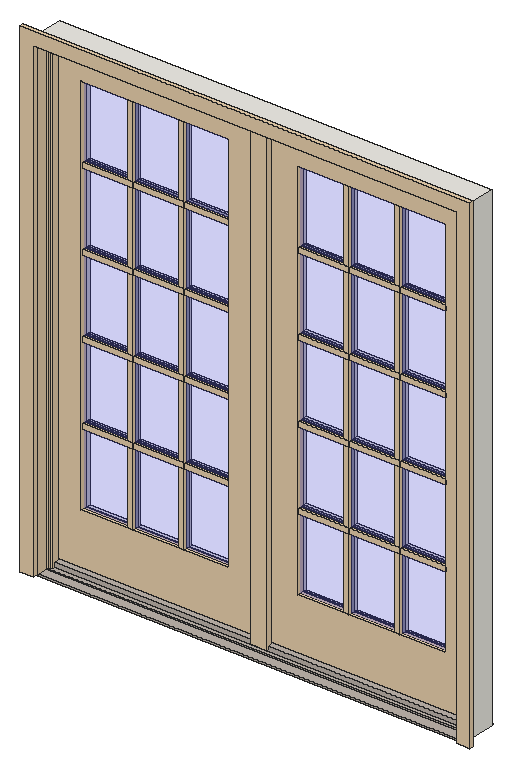
Revit family "Door-Outswing-Andersen-400_Series-Double 3", category Doors, host Wall, Revit 2013
Parameters (values of type "4' - 0" x 6' 7 1/2"")
  Visual Light Transmittance = 0.37  # constant formula
  Type Comments = "Vinyl-clad wood outswing double door"  # constant formula
  Thermal Resistance (R) = 0.58645  # 3.3300 (h·ft²·°F)/BTU
  Solar Heat Gain Coefficient = 0.16  # constant formula
  Learn About These Parameters = "http://www.andersenwindows.com/for-professionals/cad-symbols-bim-support-window-doors/bim-support"
  Heat Transfer Coefficient (U) = 1.7035  # 0.3000 BTU/(h·ft²·°F)
  Grille Bar Sizes = "3/4'', 7/8'', 1 1/8'', 2 1/4''"  # constant formula
  Between Glass Grille Bar Sizes = "3/4'', 1''"  # constant formula
  Interior Trim Visibility = yes
  Grille Bar Size = 0' - 0 7/8"
  Enter Pattern Number = 1
  Assembly Code = "B2030100"
  ..Pattern Number 1 = "Colonial"  # constant formula
  . . Lights Wide = 3
  . . Lights High = 5
  ..Pattern Number 2 = "Modified Colonial"  # constant formula
  ..Pattern Number 3 = "Prairie"  # constant formula
  ..Pattern Number 4 = "Short Fractional"  # constant formula
  ..Pattern Number 5 = "Tall Fractional"  # constant formula
  Extension Jamb Visibility = yes
  Enter Exterior Trim Number = 0
  ..Exterior Trim Number 0 = "No Exterior Trim"  # constant formula
  ..Exterior Trim Number 1 = "Brick Mould"  # constant formula
  ..Exterior Trim Number 2 = "3 1/2'' Flat Casing"  # constant formula
  ..Exterior Trim Number 3 = "4 1/2'' Flat Casing"  # constant formula
  Interior Grille Bar Visibility = yes
  Exterior Grille Bar Visibility = yes
  Between Glass Grille Bar Visibility = yes
  xjamb Visibility [instance] = and(Extension Jamb Visibility, Wall Depth > 0' 4 9/16")  # no
  xjamb S1 [instance] = if(Wall Depth < 0' 4 5/8", 0' 0 1/16", 0' 0")  # 0' - 0 1/16"
  casingS2 = if(Enter Exterior Trim Number = 1, 0' 0 3/16", 0' 0 3/16")  # 0' - 0 3/16"
  casingS1 = if(Enter Exterior Trim Number = 1, 0' 0 7/16", 0' 0 3/16")  # 0' - 0 3/16"
  casing4 = if(Enter Exterior Trim Number = 1, 0' 1 3/4", if(Enter Exterior Trim Number = 2, 0' 3 1/4", 0' 4 1/4"))  # 0' - 4 1/4"
  casing3 = 0' - 0 1/2"  # constant formula
  casing2 = 0' - 0 7/8"  # constant formula
  casing1 = 0' - 0 1/4"  # constant formula
  Wall Thickness [instance] = 0' - 8"
  Wall Depth [instance] = 0' - 4 9/16"
  Void Offset 1 [instance] = if(Enter Exterior Trim Number > 0, casing4, 0' 0")  # 0' - 0"
  Void Depth [instance] = if(Wall Thickness > Wall Depth, 0' 1" + Wall Thickness - Wall Depth, 0' 1")  # 0' - 4 7/16"
  VGB DLO = if(Enter Pattern Number = 3, 0' 4", (H DLO - (Grille Bar Size * (V Bars))) / if(LWide > 2, LWide, 3))  # 0' - 7.63542"
  V Bars = if(Enter Pattern Number = 3, 2, if(LWide > 2, LWide - 1, 2))  # 2
  URL = "www.andersenwindows.com"
  TS V DLO = Height - HGO - SGO  # 5' - 4 1/32"
  TS V Bar Length = if(or(Enter Pattern Number = 5, Enter Pattern Number = 2), ((((Height - HGO - SGO - (Grille Bar Size * (Fractional Lights High - 1))) / Fractional Lights High)) * TFL) + (TFB * Grille Bar Size), if(Enter Pattern Number = 4, ((Height - HGO - SGO - (Grille Bar Size * (Fractional Lights High - 1))) / Fractional Lights High), Height - HGO - SGO))  # 5' - 4 1/32"
  TS SH DLO = if(or(Enter Pattern Number = 5, Enter Pattern Number = 2), ((((Height - HGO - SGO - (Grille Bar Size * (Fractional Lights High - 1))) / Fractional Lights High)) * TFL) + (TFB * Grille Bar Size) + HGO + (Grille Bar Size / 2), if(Enter Pattern Number = 4, TS V Bar Length + HGO + (Grille Bar Size / 2), (TS V DLO / 2) + HGO))  # 3' - 1 61/64"
  TS S V = or(and(LWide = 2, Enter Pattern Number = 1), and(Fractional Lights Wide = 2, or(or(Enter Pattern Number = 2, Enter Pattern Number = 4), Enter Pattern Number = 5)))  # no
  TS S H Craftsman = and(Enter Pattern Number = 2, or(Fractional Lights High = 4, Fractional Lights High = 5))  # no
  TS S H = or(or(or(and(. . Lights High = 2, Enter Pattern Number = 1), and(Enter Pattern Number = 4, Fractional Lights High > 1)), and(Enter Pattern Number = 5, Fractional Lights High > 1)), and(Enter Pattern Number = 2, Fractional Lights High > 1))  # no
  TS M V = and(Enter Pattern Number > 0, LWide > 2)  # yes
  TS M H = or(or(Enter Pattern Number = 3, and(. . Lights High > 2, Enter Pattern Number = 1)), and(Enter Pattern Number = 2, Fractional Lights High > 5))  # yes
  TS HGB DLO = if(Enter Pattern Number = 1, if(. . Lights High > 2, ((TS V Bar Length - (Grille Bar Size * (. . Lights High - 1))) / . . Lights High), 0' 4"), if(Enter Pattern Number = 3, 0' 4", if(Fractional Lights High > 2, ((TS V Bar Length - (Grille Bar Size * 2)) / 3), 0' 4")))  # 1' - 0.10625"
  TS H Bars = if(Enter Pattern Number = 3, 2, if(Enter Pattern Number = 1, if(. . Lights High > 2, . . Lights High - 1, 2), 2))  # 4
  TFL = if(Fractional Lights High > 5, 3, if(or(Fractional Lights High = 4, Fractional Lights High = 5), 2, if(or(Fractional Lights High = 2, Fractional Lights High = 3), 1, 1)))  # 2
  TFB = TFL - 1  # 1
  Sill Interior Offset [instance] = 0' - 0"  # constant formula
  Sill Height [instance] = 0' - 1 1/4"  # constant formula
  Rough Width = Width + (Rough Opening Offset * 2)  # 6' - 0 3/4"
  Rough Opening Offset = 0' - 0 3/8"
  Rough Height = if(1 > 0, Height + 0' 0 1/2", 0' 0")  # 6' - 8 1/2"
  Panel Bottom Inset [instance] = 0' - 2 5/32"  # constant formula
  Sill Depth [instance] = 0' - 6"  # constant formula
  SGO = 0' - 10 1/32"  # constant formula
  Product Documentation Link = "http://www.andersenwindows.com/products/400-series-frenchwood-hinged-patio-door/"
  Panel Width = (Width / 2) - (0' 2 13/32")  # 2' - 9 19/32"
  Panel Height [instance] = (CTRL Height - 0' 0 1/2" - Panel Bottom Inset) - 0' 0 3/32"  # 6' - 5 1/4"
  Nail Fin Visibility = Enter Exterior Trim Number = 0  # yes
  Model = "400 Series"  # constant formula
  Masonry Width = if(Enter Exterior Trim Number > 0, Width + ((casing4 + Masonry Opening Offset) * 2), Width + (Masonry Opening Offset * 2))  # 6' - 0 3/4"
  Masonry Opening Offset = 0' - 0 3/8"
  Masonry Height = if(Enter Exterior Trim Number > 0, Height + (casing4 + 0' 0 1/2"), Height + 0' 0 1/2")  # 6' - 8 1/2"
  Manufacturer = "Andersen Corporation"  # constant formula
  LWide = if(Enter Pattern Number = 3, 3, if(Enter Pattern Number = 1, . . Lights Wide, Fractional Lights Wide))  # 3
  JGO = 0' - 5 21/32"  # constant formula
  Is Outswing [instance] = no
  Is Gliding = 1 = 1  # yes
  Interior Unit Finish = Wood - Andersen - Pine
  Interior Trim Size = 0' - 2 1/4"
  Interior Trim Finish = Wood - Andersen - Pine
  Horizontal Craftsman Bar Size = if(Enter Pattern Number = 3, 0' 4", (H DLO - (Grille Bar Size * (V Bars))) / if(LWide > 2, LWide, 3))  # 0' - 7.63542"
  HGO = 0' - 5 15/16"  # constant formula
  H DLO = (Width / 2) - JGO - 0' 5 11/16"  # 2' - 0 21/32"
  Glazing Material = Glass ‐ Andersen - Low-E4 SmartSun
  Function = Exterior
  Height = 6' - 8"
  Wall Closure = By host
  Width = 6' - 0"
  Frame Interior Inset [instance] = 0' - 0"  # constant formula
  Frame Depth [instance] = 0' - 5 7/8"  # constant formula
  Fractional Lights Wide = 3
  Fractional Lights High = 5
  Family Version = "06.01.14"  # constant formula
  Exterior Unit Finish = Fiberglass - Andersen - White
  Exterior Trim Finish = Fibrex Composite - Andersen - White
  Designation = "FWO"
  Description = "Vinyl-clad wood outswing double door"  # constant formula
  Coarse Plan [instance] = if(Wall Depth > Wall Thickness, Wall Thickness, Wall Depth)  # 0' - 4 9/16"
  Casing Visibility [instance] = Enter Exterior Trim Number > 0  # no
  CTRL Height [instance] = Height  # 6' - 8"
  Between Glass Grille Bar Finish = Stainless Steel - Andersen - Standard
  BS V DLO = Height - HGO - SGO  # 5' - 4 1/32"
  BS SH DLO = if(Enter Pattern Number = 5, SGO + 0' 4" + (Grille Bar Size / 2), (BS V DLO / 2) + SGO)  # 3' - 6 3/64"
  BS S V = and(LWide = 2, Enter Pattern Number = 1)  # no
  BS M V = or(or(and(LWide > 2, Enter Pattern Number = 1), Enter Pattern Number = 3), Enter Pattern Number = 5)  # yes
  Analytic Construction = "<None>"
Reference planes (in)
  plane 1 "Center (Front/Back)": y = 0
  plane 2 "Center (Left/Right)": x = 0
  plane 3 "R Frame": x = -36
  plane 4 "L Frame": x = 36
  plane 5 "T Frame": z = 80
  plane 6 "Wall S1": y = 5.0625
  plane 7 "Wall S2": y = -2.9375
  plane 8 "Interior Casing": y = -3.5625
  plane 9 "Frame S2": y = -2.9375
  plane 10 "Flange": y = 1.625
  plane 11 "Frame S1": y = 2.9375
  plane 12 "Casing S2": y = 3.125
  plane 13 "Casing S1": y = 3.125
  plane 14 "Exterior Offset": y = 6.0625
  plane 15 "Coarse Detail Plan": y = 1.5625
  plane 16 "R Rough Opening": x = -36.375
  plane 17 "R Casing 1": x = -35.75
  plane 18 "R Casing 2": x = -39.375
  plane 19 "R Casing 3": x = -39.75
  plane 20 "R Casing 4": x = -40.25
  plane 21 "R Masonry Opening": x = -36.375
  plane 22 "L Masonry Opening": x = 36.375
  plane 23 "L Casing 4": x = 40.25
  plane 24 "L Casing 3": x = 39.75
  plane 25 "L Casing 2": x = 39.375
  plane 26 "L Casing 1": x = 35.75
  plane 27 "L Rough Opening": x = 36.375
  plane 28 "T Rough Opening": z = 80.5
  plane 29 "T Casing 1": z = 79.75
  plane 30 "T Casing 2": z = 83.375
  plane 31 "T Casing 3": z = 83.75
  plane 32 "T Casing 4": z = 84.25
  plane 33 "T Masonry Opening": z = 80.5
  plane 34 "R Int Casing": x = -37.5
  plane 35 "R Xjamb 2": x = -35.875
  plane 36 "R Xjamb 1": x = -35.25
  plane 37 "L Int Casing": x = 37.5
  plane 38 "L Xjamb 2": x = 35.875
  plane 39 "L Xjamb 1": x = 35.25
  plane 40 "T Int Casing": z = 81.5
  plane 41 "T Xjamb 2": z = 79.875
  plane 42 "T Xjamb 1": z = 79.25
  plane 43 "L Panel": x = 34.8125
  plane 44 "T Panel": z = 78.6875
  plane 45 "B Panel": z = 1.4375
  plane 46 "B Glazing": z = 10.03125
  plane 47 "T Glazing": z = 74.0625
  plane 48 "L Glazing": x = 30.34375
  plane 49 "Panel1 S1": y = 0.09813
  plane 50 "Xjamb S1": y = -2.875
  plane 51 "Frame S2 Ext": y = 2.9375
  plane 52 "Stop Exterior": y = 0.28125
  plane 53 "Stop Interior": y = -1.21875
  plane 54 "Sill Interior": y = -2.9375
  plane 55 "Sill Exterior": y = 3.0625
  plane 56 "L Stop": x = 34.28333
  plane 57 "T Stop": z = 78.28125
  plane 58 "Sill Height": z = 1.25
  plane 59 "Panel2 S1": y = 2
  plane 60 "Panel2 S2": y = 0.28125
  plane 61 "L Panel Width": x = 1.21875
  plane 62 "R Panel Jamb": x = 2.29272
  plane 63 "Panel Elevation Center": z = 40.0625
  plane 64 "Vertical Bar Length": z = 10.03125
  plane 65 "Right of Glazing": x = 5.6875
  plane 66 "Back of Glazing": y = 1.52525
  plane 67 "Front of Glazing": y = 0.78125
  plane 68 "Right of Left Panel": x = -1.21875
  plane 69 "Right Glazing of Left Panel": x = -5.6875
  plane 70 "Left Glazing of Left Panel": x = -30.34375
  plane 71 "Right of Left Glass Offset": x = -3.68823
  plane 72 "Left of Left Glass Offset": x = -32.34302
  plane 73 "Left of Right Glass Offset": x = 3.6875
  plane 74 "Right of Right Glass Offset": x = 32.34375
  plane 75 "Left of Left Panel": x = -34.8125
  plane 76 "Center of Right Panel": x = 18.01562
  plane 77 "Center of Left Panel": x = -18.01563
Forms (in)
  Extrusion 1, void
    sketch origin (0, 0, 0) x (1, 0, 0) y (0, 0, 1)
      loop
        line (36, 80) -> (-36, 80) -> (-36, 0) -> (36, 0) -> (36, 80)
    from -1.625 to 2.9375
  Extrusion 2, void
    sketch origin (0, 0, 0) x (1, 0, 0) y (0, 0, 1)
      loop
        line (36, 80) -> (-36, 80) -> (-36, 0) -> (36, 0) -> (36, 80)
    from -17.0625 to -1.625
  Sweep 3, solid, material "Fibrex Composite - Andersen - White" <- "Exterior Trim Finish", visible <- "Casing Visibility", detail levels medium+fine
    path origin (0, 1.625, 0) x (-1, 0, 0) y (0, 0, 1)
      loop
        line (-40.25, 0) -> (-40.25, 84.25) -> (40.25, 84.25) -> (40.25, 0)
    profile origin (40.25, 1.625, 42.125) x (1, 0, 0) y (0, 1, 0)
      loop
        line (-0.875, 1.5) -> (-4.5, 1.5) -> (-4.5, 0) -> (0, 0) -> (0, 1.5) -> (-0.5, 1.5) -> (-0.875, 1.5)
  Extrusion 4, solid, material "Fibrex Composite - Andersen - White" <- "Exterior Trim Finish", visible <- "Casing Visibility", detail levels coarse
    sketch origin (0, 1.625, 0) x (-1, 0, 0) y (0, 0, 1)
      loop
        line (-35.75, 79.75) -> (35.75, 79.75) -> (35.75, 0) -> (40.25, 0) -> (40.25, 84.25) -> (-40.25, 84.25) -> (-40.25, 0) -> (-35.75, 0) -> (-35.75, 79.75)
    from 0 to 1.4375
  Extrusion 5, solid, material "Wood - Andersen - Pine" <- "Interior Trim Finish", visible <- "Interior Trim Visibility", detail levels fine
    sketch origin (0, 0, 0) x (1, 0, 0) y (0, 0, 1)
      loop
        line (-35.25, 79.25) -> (35.25, 79.25) -> (35.25, 0) -> (37.5, 0) -> (37.5, 81.5) -> (-37.5, 81.5) -> (-37.5, 0) -> (-35.25, 0) -> (-35.25, 79.25)
    from 2.9375 to 3.5625
  Extrusion 6, solid, material "Wood - Andersen - Pine" <- "Interior Trim Finish", visible <- "xjamb Visibility", detail levels medium+fine
    sketch origin (0, 0, 0) x (1, 0, 0) y (0, 0, 1)
      loop
        line (-35.875, 0) -> (-35.25, 0) -> (-35.25, 79.25) -> (35.25, 79.25) -> (35.25, 0) -> (35.875, 0) -> (35.875, 79.875) -> (-35.875, 79.875) -> (-35.875, 0)
    from 2.875 to 2.9375
  Sweep 7, solid, material "Fiberglass - Andersen - White" <- "Exterior Unit Finish", detail levels medium+fine
    path origin (0, 1.625, 0) x (-1, 0, 0) y (0, 0, 1)
      loop
        line (-36, 0) -> (-36, 80) -> (36, 80) -> (36, 0)
    profile origin (36, 1.625, 40) x (1, 0, 0) y (0, 1, 0)
      loop
        line (0, -4.5625) -> (0, 1.3125) -> (-0.56135, 1.3125) -> (-0.56135, -0.13232) -> (-1.28125, -0.13232) -> (-1.28125, -1.34375) -> (-1.71667, -1.34375) -> (-1.71667, -2.32948) -> (-1.416, -2.68747) -> (-1.416, -2.84375) -> (-1.016, -2.84375) -> (-1.016, -4.5625) -> (0, -4.5625)
  Sweep 8, solid, material "Fiberglass - Andersen - White" <- "Exterior Unit Finish", detail levels coarse
    path origin (-0.30351, 1.625, 0) x (-1, 0, 0) y (0, 0, 1)
      loop
        line (-36.30351, 0) -> (-36.30351, 80) -> (35.69649, 80) -> (35.69649, 0)
    profile origin (36, 1.625, 40) x (1, 0, 0) y (0, 1, 0)
      loop
        line (-1.1875, -4.5625) -> (0, -4.5625) -> (0, 1.4375) -> (-1.1875, 1.4375) -> (-1.1875, -4.5625)
  Sweep 9, solid, material "Aluminum - Andersen - Painted - Sandtone", detail levels medium+fine
    path origin (0, 1.625, 0) x (-1, 0, 0) y (0, 0, 1)
      loop
        line (-36, 0) -> (36, 0)
    profile origin (0, 1.625, 0) x (0, 0, 1) y (0, 1, 0)
      loop
        line (0.32, -2.87202) -> (0.5, -2.87202) -> (0.5, -2.1085) -> (1.25, -2.1085) -> (1.25, -0.25307) -> (0.43839, -0.25307) -> (0.17079, 1.4375) -> (0, 1.4375) -> (0, -4.5625) -> (0.32, -4.5625) -> (0.32, -2.87202)
  Sweep 10, solid, material "Aluminum - Andersen - Painted - Sandtone", detail levels coarse
    path origin (0, 1.625, 0) x (-1, 0, 0) y (0, 0, 1)
      loop
        line (-34.8125, 1.4375) -> (34.8125, 1.4375)
    profile origin (0, 1.625, 1.4375) x (0, 0, 1) y (0, 1, 0)
      loop
        line (0, 1.4375) -> (-1.4375, 1.4375) -> (-1.4375, -4.5625) -> (0, -4.5625) -> (0, 1.4375)
  Sweep 11, solid, material "Wood - Andersen - Pine" <- "Interior Unit Finish"
    path origin (0, 3.0625, 0) x (-1, 0, 0) y (0, 0, 1)
      loop
        line (-18.01562, 78.6875) -> (-18.01562, 1.4375)
    profile origin (18.01562, 3.0625, 40.0625) x (0, 1, 0) y (-1, 0, 0)
      loop
        line (-2.78125, 12.32813) -> (-1.53725, 12.32813) -> (-1.53725, 16.79688) -> (-2.78125, 16.79688) -> (-2.78125, 12.32813)
      loop
        line (-2.78125, -12.32813) -> (-2.78125, -16.79687) -> (-1.53725, -16.79687) -> (-1.53725, -12.32813) -> (-2.78125, -12.32813)
  Sweep 12, solid, material "Glass ‐ Andersen - Low-E4 SmartSun" <- "Glazing Material"
    path origin (0, 0, 0) x (1, 0, 0) y (0, 1, 0)
      loop
        line (5.6875, 0.78125) -> (30.34375, 0.78125)
    profile origin (18.01562, 0.78125, 0) x (0, 1, 0) y (0, 0, 1)
      loop
        line (0.744, 74.0625) -> (0, 74.0625) -> (0, 10.03125) -> (0.744, 10.03125) -> (0.744, 74.0625)
  Sweep 13, solid, material "Wood - Andersen - Pine" <- "Interior Unit Finish"
    path origin (0, 1.625, 0) x (-1, 0, 0) y (0, 0, 1)
      loop
        line (18.01563, 1.4375) -> (18.01563, 78.6875)
    profile origin (-18.01563, 1.625, 40.0625) x (1, 0, 0) y (0, 1, 0)
      loop
        line (16.79688, -0.09975) -> (12.32813, -0.09975) -> (12.32813, -1.34375) -> (16.79688, -1.34375) -> (16.79688, -0.09975)
      loop
        line (-16.79687, -0.09975) -> (-16.79687, -1.34375) -> (-12.32812, -1.34375) -> (-12.32812, -0.09975) -> (-16.79687, -0.09975)
  Sweep 14, solid, material "Fiberglass - Andersen - White" <- "Exterior Unit Finish"
    path origin (0, 1.625, 0) x (-1, 0, 0) y (0, 0, 1)
      loop
        line (18.01563, 1.4375) -> (18.01563, 78.6875)
    profile origin (-18.01563, 1.625, 40.0625) x (1, 0, 0) y (0, 1, 0)
      loop
        line (16.79688, 0.375) -> (12.32813, 0.375) -> (12.32813, -0.09975) -> (16.79688, -0.09975) -> (16.79688, 0.375)
      loop
        line (-17.14062, 0.375) -> (-17.14062, -0.09975) -> (-12.32812, -0.09975) -> (-12.32812, 0.375) -> (-17.14062, 0.375)
  Extrusion 15, solid, material "Glass ‐ Andersen - Low-E4 SmartSun" <- "Glazing Material"
    sketch origin (0, 0, 0) x (0, 1, 0) y (0, 0, 1)
      loop
        line (1.52525, 74.0625) -> (0.78125, 74.0625) -> (0.78125, 10.03125) -> (1.52525, 10.03125) -> (1.52525, 74.0625)
    from -30.34375 to -5.6875
  Sweep 16, solid, material "Fiberglass - Andersen - White" <- "Exterior Unit Finish"
    path origin (0, 0.28125, 0) x (-1, 0, 0) y (0, 0, 1)
      loop
        line (-18.01562, 1.4375) -> (-18.01562, 78.6875)
    profile origin (18.01562, 0.28125, 40.0625) x (1, 0, 0) y (0, 1, 0)
      loop
        line (-16.79688, 1.71875) -> (-16.79688, 1.244) -> (-12.32813, 1.244) -> (-12.32813, 1.71875) -> (-16.79688, 1.71875)
      loop
        line (17.14063, 1.71875) -> (12.32813, 1.71875) -> (12.32813, 1.244) -> (17.14063, 1.244) -> (17.14063, 1.71875)
  Sweep 17, solid, material "Fiberglass - Andersen - White" <- "Exterior Unit Finish", detail levels medium+fine
    path origin (0, 3.0625, 0) x (-1, 0, 0) y (0, 0, 1)
      loop
        line (0, 79.28125) -> (0, 0.65625)
    profile origin (0, 3.0625, 39.96875) x (0, 1, 0) y (-1, 0, 0)
      loop
        line (-3.74951, -1.31882) -> (-2.78125, -1.31882) -> (-2.78125, -0.66406) -> (-1.0625, -0.66406) -> (-1.0625, -1.94704) -> (-0.125, -1.94704) -> (-0.125, 1.94704) -> (-1.0625, 1.94704) -> (-1.0625, 0.67578) -> (-2.78125, 0.67578) -> (-2.78125, 1.31882) -> (-3.74951, 1.31882) -> (-3.74951, -1.31882)
  Sweep 18, solid, material "Fiberglass - Andersen - White" <- "Exterior Unit Finish", detail levels coarse
    path origin (0, 3.0625, 0) x (-1, 0, 0) y (0, 0, 1)
      loop
        line (0, 80) -> (0, 1.4375)
    profile origin (0, 3.0625, 40.71875) x (0, 1, 0) y (-1, 0, 0)
      loop
        line (-0.125, 1.21875) -> (-3.74951, 1.21875) -> (-3.74951, -1.21875) -> (-0.125, -1.21875) -> (-0.125, 1.21875)
  Sweep 19, solid, material "Wood - Andersen - Pine" <- "Interior Unit Finish"
    path origin (0, 0, 0) x (1, 0, 0) y (0, 0, 1)
      loop
        line (-1.21875, 10.03125) -> (-34.8125, 10.03125)
    profile origin (-18.01563, 0, 10.03125) x (0, 0, -1) y (0, -1, 0)
      loop
        line (0, -1.52525) -> (8.59375, -1.52525) -> (8.59375, -0.28125) -> (0, -0.28125) -> (0, -1.52525)
      loop
        line (-68.65625, -1.52525) -> (-64.03125, -1.52525) -> (-64.03125, -0.28125) -> (-68.65625, -0.28125) -> (-68.65625, -1.52525)
  Sweep 20, solid, material "Wood - Andersen - Pine" <- "Interior Unit Finish"
    path origin (0, 0, 0) x (-1, 0, 0) y (0, 0, 1)
      loop
        line (-1.21875, 10.03125) -> (-34.8125, 10.03125)
    profile origin (18.01562, 0, 10.03125) x (0, 0, 1) y (0, -1, 0)
      loop
        line (0, -1.52525) -> (0, -0.28125) -> (-8.59375, -0.28125) -> (-8.59375, -1.52525) -> (0, -1.52525)
      loop
        line (68.65625, -1.52525) -> (68.65625, -0.28125) -> (64.03125, -0.28125) -> (64.03125, -1.52525) -> (68.65625, -1.52525)
  Sweep 21, solid, material "Fiberglass - Andersen - White" <- "Exterior Unit Finish"
    path origin (0, 0, 0) x (1, 0, 0) y (0, 0, 1)
      loop
        line (-1.21875, 10.03125) -> (-35.15625, 10.03125)
    profile origin (-18.1875, 0, 10.03125) x (0, 0, -1) y (0, -1, 0)
      loop
        line (0, -1.52525) -> (0, -2) -> (9.375, -2) -> (9.375, -1.52525) -> (0, -1.52525)
      loop
        line (-69.25, -1.52525) -> (-69.25, -2) -> (-64.03125, -2) -> (-64.03125, -1.52525) -> (-69.25, -1.52525)
  Sweep 22, solid, material "Fiberglass - Andersen - White" <- "Exterior Unit Finish"
    path origin (0, 0, 0) x (-1, 0, 0) y (0, 0, 1)
      loop
        line (-1.21875, 10.03125) -> (-35.15625, 10.03125)
    profile origin (18.1875, 0, 10.03125) x (0, 0, 1) y (0, -1, 0)
      loop
        line (0, -1.52525) -> (-9.375, -1.52525) -> (-9.375, -2) -> (0, -2) -> (0, -1.52525)
      loop
        line (64.03125, -1.52525) -> (64.03125, -2) -> (69.25, -2) -> (69.25, -1.52525) -> (64.03125, -1.52525)
  Sweep 23, void
    path origin (0.05366, 1.625, 2.07453) x (-1, 0, 0) y (0, 0, 1)
      loop
        line (-35.94634, -2.07453) -> (-35.94634, 7.95672)
    profile origin (36, 1.625, 5.01563) x (1, 0, 0) y (0, 1, 0)
      loop
        line (0, -4.5625) -> (0, 1.3125) -> (-0.56135, 1.3125) -> (-0.56135, -0.13232) -> (-1.28125, -0.13232) -> (-1.28125, -1.34375) -> (-1.71667, -1.34375) -> (-1.71667, -2.32948) -> (-1.416, -2.68747) -> (-1.416, -2.84375) -> (-1.016, -2.84375) -> (-1.016, -4.5625) -> (0, -4.5625)
      loop
        line (-72, -4.5625) -> (-70.984, -4.5625) -> (-70.984, -2.84375) -> (-70.584, -2.84375) -> (-70.584, -2.68747) -> (-70.28333, -2.32948) -> (-70.28333, -1.34375) -> (-70.71875, -1.34375) -> (-70.71875, -0.13232) -> (-71.43865, -0.13232) -> (-71.43865, 1.3125) -> (-72, 1.3125) -> (-72, -4.5625)
Cuts and joins
  joined: Sweep 8, Sweep 18
  joined: Sweep 14, Sweep 21
  joined: Sweep 16, Sweep 22
  joined: Sweep 11, Sweep 20
  joined: Sweep 13, Sweep 19
  joined: Sweep 7, Sweep 17
  Sweep 23 cuts Sweep 9
Lines and regions (in)
  Masking region 1
    outline origin (0, 0, 0) x (1, 0, 0) y (0, 1, 0)
      loop
        line (-36, 3.0625) -> (-36, -2.9375) -> (36, -2.9375) -> (36, 3.0625) -> (-36, 3.0625)
  Masking region 2
    outline origin (0, 0, 0) x (0, 1, 0) y (0, 0, 1)
      loop
        line (2.9375, 80) -> (-2.9375, 80) -> (-2.9375, 0) -> (2.9375, 0) -> (2.9375, 80)
  Masking region 3, visible <- "Casing Visibility", detail levels coarse+medium
    outline origin (0, 0, 0) x (1, 0, 0) y (0, 1, 0)
      loop
        line (-40.25, 3.125) -> (-40.25, 1.625) -> (-36, 1.625) -> (-36, 3.125) -> (-40.25, 3.125)
  Masking region 4, visible <- "Casing Visibility", detail levels coarse+medium
    outline origin (0, 0, 0) x (1, 0, 0) y (0, 1, 0)
      loop
        line (36, 3.125) -> (36, 1.625) -> (40.25, 1.625) -> (40.25, 3.125) -> (36, 3.125)
  Masking region 5, visible <- "Casing Visibility"
    outline origin (0, 3.0625, 0) x (-1, 0, 0) y (0, 0, 1)
      loop
        line (-40.25, 84.25) -> (-40.25, 0) -> (-36, 0) -> (-36, 80) -> (36, 80) -> (36, 0) -> (40.25, 0) -> (40.25, 84.25) -> (-40.25, 84.25)
  Masking region 6, visible <- "Interior Trim Visibility", detail levels fine
    outline origin (0, -3.5625, 0) x (-1, 0, 0) y (0, 0, 1)
      loop
        line (-37.5, 81.5) -> (-37.5, 0) -> (-35.25, 0) -> (-35.25, 79.25) -> (35.25, 79.25) -> (35.25, 0) -> (37.5, 0) -> (37.5, 81.5) -> (-37.5, 81.5)
  Masking region 7
    outline origin (0, -2.9375, 0) x (-1, 0, 0) y (0, 0, 1)
      loop
        line (-36, 80) -> (-36, 0) -> (36, 0) -> (36, 80) -> (-36, 80)
      loop
        line (-34.8125, 78.6875) -> (-34.8125, 1.4375) -> (-1.21875, 1.4375) -> (-1.21875, 78.6875) -> (-34.8125, 78.6875)
      loop
        line (34.8125, 78.6875) -> (1.21875, 78.6875) -> (1.21875, 1.4375) -> (34.8125, 1.4375) -> (34.8125, 78.6875)
  Masking region 8
    outline origin (0, 3.0625, 0) x (-1, 0, 0) y (0, 0, 1)
      loop
        line (36, 80) -> (-36, 80) -> (-36, 0) -> (36, 0) -> (36, 80)
      loop
        line (-1.21875, 78.6875) -> (-34.8125, 78.6875) -> (-34.8125, 1.4375) -> (-1.21875, 1.4375) -> (-1.21875, 78.6875)
      loop
        line (34.8125, 78.6875) -> (1.21875, 78.6875) -> (1.21875, 1.4375) -> (34.8125, 1.4375) -> (34.8125, 78.6875)
  Masking region 9
    outline origin (0, 2, 0) x (-1, 0, 0) y (0, 0, 1)
      loop
        line (-1.21875, 78.6875) -> (-34.8125, 78.6875) -> (-34.8125, 1.4375) -> (-1.21875, 1.4375) -> (-1.21875, 78.6875)
  Split face 1
    outline origin (-36, 3.0625, 80) x (0, 0, -1) y (0, -1, 0)
      loop
        line (0, 3.81244) -> (80, 3.81244)
  Masking region 10, visible <- "Interior Trim Visibility", detail levels fine
    outline origin (0, 0, 0) x (1, 0, 0) y (0, 1, 0)
      loop
        line (-37.5, -2.9375) -> (-37.5, -3.5625) -> (-35.25, -3.5625) -> (-35.25, -2.9375) -> (-37.5, -2.9375)
  Masking region 11, visible <- "xjamb Visibility", detail levels medium+fine
    outline origin (0, 0, 0) x (1, 0, 0) y (0, 1, 0)
      loop
        line (-35.875, -2.875) -> (-35.875, -2.9375) -> (-35.25, -2.9375) -> (-35.25, -2.875) -> (-35.875, -2.875)
  Masking region 12, visible <- "Interior Trim Visibility", detail levels fine
    outline origin (0, 0, 0) x (1, 0, 0) y (0, 1, 0)
      loop
        line (35.25, -2.9375) -> (35.25, -3.5625) -> (37.5, -3.5625) -> (37.5, -2.9375) -> (35.25, -2.9375)
  Masking region 13, visible <- "xjamb Visibility", detail levels medium+fine
    outline origin (0, 0, 0) x (1, 0, 0) y (0, 1, 0)
      loop
        line (35.25, -2.875) -> (35.25, -2.9375) -> (35.875, -2.9375) -> (35.875, -2.875) -> (35.25, -2.875)
  Masking region 14, visible <- "Interior Trim Visibility", detail levels fine
    outline origin (0, 0, 0) x (0, 1, 0) y (0, 0, 1)
      loop
        line (-2.9375, 81.5) -> (-3.5625, 81.5) -> (-3.5625, 0) -> (-2.9375, 0) -> (-2.9375, 81.5)
  Masking region 15, visible <- "xjamb Visibility", detail levels medium+fine
    outline origin (0, 0, 0) x (0, 1, 0) y (0, 0, 1)
      loop
        line (-2.875, 79.875) -> (-2.9375, 79.875) -> (-2.9375, 0) -> (-2.875, 0) -> (-2.875, 79.875)
  Masking region 16, visible <- "Casing Visibility"
    outline origin (0, 0, 0) x (0, 1, 0) y (0, 0, 1)
      loop
        line (1.625, 84.25) -> (1.625, 80) -> (2.9375, 80) -> (2.9375, 0) -> (3.125, 0) -> (3.125, 84.25) -> (1.625, 84.25)
  Masking region 17, visible <- "Casing Visibility", detail levels fine
    outline origin (0, 0, 0) x (1, 0, 0) y (0, 1, 0)
      loop
        line (-39.75, 3.125) -> (-40.25, 3.125) -> (-40.25, 1.625) -> (-36, 1.625) -> (-36, 2.9375) -> (-35.75, 2.9375) -> (-35.75, 3.125) -> (-39.375, 3.125) -> (-39.75, 3.125)
      loop
        line (39.75, 3.125) -> (39.375, 3.125) -> (35.75, 3.125) -> (35.75, 2.9375) -> (36, 2.9375) -> (36, 1.625) -> (40.25, 1.625) -> (40.25, 3.125) -> (39.75, 3.125)
  Masking region 18
    outline origin (0, 2, 0) x (1, 0, 0) y (0, 0, 1)
      loop
        line (-1.21875, 78.6875) -> (-34.8125, 78.6875) -> (-34.8125, 1.4375) -> (-1.21875, 1.4375) -> (-1.21875, 78.6875)
  Split face 2
    outline origin (-34.8125, -2.9375, 78.8125) x (0, 0, -1) y (0, 1, 0)
      loop
        line (78.8125, 4.46275) -> (0, 4.46275)
  Split face 3
    outline origin (34.8125, -2.9375, 78.8125) x (0, 1, 0) y (-1, 0, 0)
      loop
        line (4.46275, 69.625) -> (4.46275, 0)
  Split face 4
    outline origin (34.8125, -2.9375, 0) x (0, 0, 1) y (0, 1, 0)
      loop
        line (0, 4.46275) -> (78.8125, 4.46275)
  Split face 5
    outline origin (-1.21875, 2.9375, 80) x (0, 0, -1) y (0, -1, 0)
      loop
        line (1.1875, 1.41225) -> (78.5625, 1.41225)
  Split face 6
    outline origin (1.21875, -0.68701, 80) x (0, 0, -1) y (0, 1, 0)
      loop
        line (78.5625, 2.21226) -> (1.1875, 2.21226)
  symbolic lines, style "DoorsFrameMullionProjection", visible <- "Casing Visibility", detail levels medium+fine
    curve 1: line (0, 3.125, 83.75) -> (0, 3.125, 83.375)
    curve 2: line (0, 3.125, 83.375) -> (0, 3.125, 79.75)
    curve 3: line (0, 3.125, 79.75) -> (0, 2.9375, 79.75)
  symbolic lines, style "DoorsFrameMullionProjection", detail levels coarse
    curve 4: line (34.8125, 3.0625, 2.1562) -> (34.8125, 0.28125, 2.1562)
    curve 5: line (0, 1.625, 78.6875) -> (0, -2.875, 78.6875)
    curve 6: line (0, 2.9375, 1.4375) -> (0, -2.9375, 1.4375)
    curve 7: line (0, -2.9375, 1.4375) -> (0, -2.9375, 0)
    curve 8: line (0, -2.875, 78.6875) -> (0, 2.9375, 78.6875)
    curve 30: line (-34.8125, 2.9375, 2.1562) -> (-34.8125, -2.9375, 2.1562)
    curve 32: line (0, 2, 78.6875) -> (0, 0.28125, 78.6875)
    curve 33: line (0, 2, 1.4375) -> (0, 2, 78.6875)
    curve 38: line (34.8125, 0.28125, 0) -> (34.8125, 2, 0)
    curve 124: line (34.8125, 2.9375, 2.1562) -> (34.8125, -2.9375, 2.1562)
    curve 236: line (36, 2.9375, 0) -> (34.8125, 2.9375, 0)
    curve 237: line (-36, 2.9375, 0) -> (-34.8125, 2.9375, 0)
    curve 255: line (0, 0.28125, 78.6875) -> (0, 0.28125, 1.4375)
    curve 269: line (-1.21875, 2.9375, 0) -> (1.21875, 2.9375, 0)
    curve 270: line (-1.21875, -0.68701, 0) -> (-1.21875, 2.9375, 0)
    curve 271: line (1.21875, -0.68701, 0) -> (-1.21875, -0.68701, 0)
    curve 272: line (1.21875, 2.9375, 0) -> (1.21875, -0.68701, 0)
  symbolic lines, style "DoorsFrameMullionProjection", detail levels medium+fine
    curve 9: line (-35.625, -2.9375, 1.4375) -> (-36, -2.9375, 1.4375)
    curve 12: line (34.8125, 3.0625, 1.4375) -> (34.8125, 3.0625, 0)
    curve 34: line (0, 0.28125, 1.4375) -> (0, 1.52525, 1.4375)
    curve 39: line (0, -1.24702, 0.32) -> (0, -2.9375, 0.32)
    curve 40: line (0, -1.24702, 0.5) -> (0, -1.24702, 0.32)
    curve 41: line (0, -0.4835, 0.5) -> (0, -1.24702, 0.5)
    curve 42: line (0, -0.4835, 1.25) -> (0, -0.4835, 0.5)
    curve 43: line (0, 1.37193, 1.25) -> (0, -0.4835, 1.25)
    curve 44: line (0, 1.37193, 0.43839) -> (0, 1.37193, 1.25)
    curve 45: line (0, 3.0625, 0.17079) -> (0, 1.37193, 0.43839)
    curve 46: line (0, 3.0625, 0) -> (0, 3.0625, 0.17079)
    curve 47: line (0, -2.9375, 0) -> (0, 3.0625, 0)
    curve 48: line (0, -2.9375, 0.32) -> (0, -2.9375, 0)
    curve 143: line (1.94704, 2.9375, 0) -> (-1.94704, 2.9375, 0)
    curve 144: line (-1.94704, 2.9375, 0) -> (-1.94704, 2, 0)
    curve 145: line (-1.94704, 2, 0) -> (-0.67578, 2, 0)
    curve 146: line (-0.67578, 2, 0) -> (-0.67578, 0.28125, 0)
    curve 147: line (0.66406, 2, 0) -> (1.94704, 2, 0)
    curve 148: line (1.94704, 2, 0) -> (1.94704, 2.9375, 0)
    curve 149: line (1.31882, 0.28125, 0) -> (0.66406, 0.28125, 0)
    curve 150: line (1.31882, -0.68701, 0) -> (1.31882, 0.28125, 0)
    curve 151: line (-1.31882, -0.68701, 0) -> (1.31882, -0.68701, 0)
    curve 152: line (-1.31882, 0.28125, 0) -> (-1.31882, -0.68701, 0)
    curve 153: line (-0.67578, 0.28125, 0) -> (-1.31882, 0.28125, 0)
    curve 172: line (36, 2.9375, 0) -> (35.43865, 2.9375, 0)
    curve 173: line (35.43865, 2.9375, 0) -> (35.43865, 1.52525, 0)
    curve 174: line (35.43865, 1.52525, 0) -> (34.71875, 1.52525, 0)
    curve 175: line (34.71875, 1.52525, 0) -> (34.71875, 0.28125, 0)
    curve 176: line (34.71875, 0.28125, 0) -> (34.28333, 0.28125, 0)
    curve 177: line (34.28333, 0.28125, 0) -> (34.28333, -0.70448, 0)
    curve 178: line (34.28333, -0.70448, 0) -> (34.584, -1.06247, 0)
    curve 179: line (34.584, -1.06247, 0) -> (34.584, -1.21875, 0)
    curve 180: line (34.584, -1.21875, 0) -> (34.984, -1.21875, 0)
    curve 181: line (34.984, -1.21875, 0) -> (34.984, -2.9375, 0)
    curve 182: line (34.984, -2.9375, 0) -> (36, -2.9375, 0)
    curve 183: line (36, -2.9375, 0) -> (36, 2.9375, 0)
    curve 196: line (-36, 2.9375, 0) -> (-35.43865, 2.9375, 0)
    curve 197: line (-35.43865, 2.9375, 0) -> (-35.43865, 1.52525, 0)
    curve 198: line (-35.43865, 1.52525, 0) -> (-34.71875, 1.52525, 0)
    curve 199: line (-34.71875, 1.52525, 0) -> (-34.71875, 0.28125, 0)
    curve 200: line (-34.71875, 0.28125, 0) -> (-34.28333, 0.28125, 0)
    curve 201: line (-34.28333, 0.28125, 0) -> (-34.28333, -0.70448, 0)
    curve 202: line (-34.28333, -0.70448, 0) -> (-34.584, -1.06247, 0)
    curve 203: line (-34.584, -1.06247, 0) -> (-34.584, -1.21875, 0)
    curve 204: line (-34.584, -1.21875, 0) -> (-34.984, -1.21875, 0)
    curve 205: line (-34.984, -1.21875, 0) -> (-34.984, -2.9375, 0)
    curve 206: line (-34.984, -2.9375, 0) -> (-36, -2.9375, 0)
    curve 207: line (-36, -2.9375, 0) -> (-36, 2.9375, 0)
    curve 212: line (0, -2.9375, 78.984) -> (0, -1.21875, 78.984)
    curve 213: line (0, -1.21875, 78.984) -> (0, -1.21875, 78.584)
    curve 214: line (0, -1.21875, 78.584) -> (0, -1.06247, 78.584)
    curve 215: line (0, -1.06247, 78.584) -> (0, -0.702, 78.28125)
    curve 216: line (0, -0.702, 78.28125) -> (0, 0.28125, 78.28125)
    curve 217: line (0, 0.28125, 78.6875) -> (0, 0.28125, 78.28125)
    curve 218: line (0, 0.28125, 78.6875) -> (0, 1.52525, 78.6875)
    curve 219: line (0, 1.52525, 78.6875) -> (0, 1.52525, 79.43865)
    curve 220: line (0, 1.52525, 79.43865) -> (0, 2.9375, 79.43865)
    curve 221: line (0, 2.9375, 79.43865) -> (0, 2.9375, 80)
    curve 222: line (0, 2.9375, 80) -> (0, -2.9375, 80)
    curve 223: line (0, -2.9375, 80) -> (0, -2.9375, 78.984)
    curve 238: line (-35.43865, 2, 0) -> (-35.43865, 1.52525, 0)
    curve 239: line (-35.43865, 1.52525, 0) -> (-34.71875, 1.52525, 0)
    curve 240: line (-34.71875, 1.52525, 0) -> (-34.71875, 0.28125, 0)
    curve 241: line (-1.21875, 2, 0) -> (-35.43865, 2, 0)
    curve 242: line (1.27759, 0.28125, 0) -> (34.71875, 0.28125, 0)
    curve 243: line (34.71875, 0.28125, 0) -> (34.71875, 1.52525, 0)
    curve 244: line (34.71875, 1.52525, 0) -> (35.43865, 1.52525, 0)
    curve 245: line (35.43865, 1.52525, 0) -> (35.43865, 2, 0)
    curve 246: line (35.43865, 2, 0) -> (1.21875, 2, 0)
    curve 247: line (-34.71875, 0.28125, 0) -> (-1.21875, 0.28125, 0)
    curve 248: line (0, 2, 79.28125) -> (0, 1.52525, 79.28125)
    curve 249: line (0, 1.52525, 79.28125) -> (0, 1.52525, 78.71875)
    curve 250: line (0, 1.52525, 78.71875) -> (0, 0.28125, 78.71875)
    curve 251: line (0, 0.28125, 78.71875) -> (0, 0.28125, 1.4375)
    curve 252: line (0, 1.52525, 1.4375) -> (0, 1.52525, 0.65625)
    curve 253: line (0, 1.52525, 0.65625) -> (0, 2, 0.65625)
    curve 254: line (0, 2, 79.28125) -> (0, 2, 0.65625)
    curve 279: line (0.66406, 2, 0) -> (0.66406, 0.28125, 0)
    curve 281: line (1.21875, 3.0625, 1.4375) -> (-1.21875, 3.0625, 1.4375)
    curve 282: line (-34.8125, 3.0625, 1.4375) -> (-34.8125, 3.0625, 0)
    curve 283: line (0, 2.74103, 0) -> (0, 2.9375, 0)
    curve 284: line (0.3987, 2.74103, 0) -> (0, 2.74103, 0)
    curve 285: line (0.3987, 1.7791, 0) -> (0.3987, 2.74103, 0)
    curve 286: line (0.66406, 1.7791, 0) -> (0.3987, 1.7791, 0)
    curve 292: line (1.21875, 3.0625, 78.6875) -> (-1.21875, 3.0625, 78.6875)
  symbolic lines, style "DoorsFrameMullionProjection", not visible, detail levels fine
    curve 10: line (0, 2, 0) -> (0, -2.9375, 0)
  symbolic lines, style "DoorsFrameMullionProjection", detail levels fine
    curve 11: line (0, 2, 0) -> (0, -2.9375, 0)
  symbolic lines, style "DoorsFrameMullionProjection", visible <- "Nail Fin Visibility", detail levels medium+fine
    curve 13: line (36, 1.625, 1.4375) -> (37.625, 1.625, 1.4375)
    curve 14: line (-36, 1.625, 1.4375) -> (-37.625, 1.625, 1.4375)
    curve 15: line (0, 1.58203, 81.625) -> (0, 1.58203, 80)
  symbolic lines, style "DoorsFrameMullionProjection", not visible, detail levels medium+fine
    curve 16: line (31.94848, -2.89521, 1.38489) -> (31.94848, -3.28125, 1.38489)
    curve 17: line (31.94848, -3.28125, 1.38489) -> (33.75, -3.28125, 1.38489)
    curve 18: line (33.75, -3.28125, 1.38489) -> (33.75, 1.84375, 1.38489)
    curve 19: line (33.75, 1.84375, 1.38489) -> (32.47864, 1.84375, 1.38489)
    curve 20: line (32.47864, 1.84375, 1.38489) -> (32.47864, -0.70765, 1.38489)
    curve 21: line (32.47864, -0.70765, 1.38489) -> (31.94848, -0.70765, 1.38489)
    curve 22: line (31.94848, -0.70765, 1.38489) -> (31.94848, -1.09369, 1.38489)
    curve 23: line (31.94848, -1.09369, 1.38489) -> (32.97792, -1.09369, 1.38489)
    curve 24: line (32.97792, -1.09369, 1.38489) -> (32.97792, -2.89521, 1.38489)
    curve 25: line (32.97792, -2.89521, 1.38489) -> (31.94848, -2.89521, 1.38489)
    curve 49: line (0, -0.24702, 0.32) -> (0, -1.9375, 0.32)
    curve 50: line (0, -0.24702, 0.5) -> (0, -0.24702, 0.32)
    curve 51: line (0, 0.5165, 0.5) -> (0, -0.24702, 0.5)
    curve 52: line (0, 0.5165, 1.25) -> (0, 0.5165, 0.5)
    curve 53: line (0, 2.37193, 1.25) -> (0, 0.5165, 1.25)
    curve 54: line (0, 2.37193, 0.43839) -> (0, 2.37193, 1.25)
    curve 55: line (0, 4.0625, 0.17079) -> (0, 2.37193, 0.43839)
    curve 56: line (0, 4.0625, 0) -> (0, 4.0625, 0.17079)
    curve 57: line (0, -1.9375, 0) -> (0, 4.0625, 0)
    curve 68: line (0, -1.9375, 0.32) -> (0, -1.9375, 0)
    curve 154: line (2.49001, 4.16797, 0) -> (-1.40407, 4.16797, 0)
    curve 155: line (-1.40407, 4.16797, 0) -> (-1.40407, 3.23047, 0)
    curve 156: line (-1.40407, 3.23047, 0) -> (-0.13281, 3.23047, 0)
    curve 157: line (-0.13281, 3.23047, 0) -> (-0.13281, 1.51172, 0)
    curve 158: line (1.20703, 3.23047, 0) -> (2.49001, 3.23047, 0)
    curve 159: line (2.49001, 3.23047, 0) -> (2.49001, 4.16797, 0)
    curve 160: line (1.86179, 1.51172, 0) -> (1.20703, 1.51172, 0)
    curve 161: line (1.86179, 0.54346, 0) -> (1.86179, 1.51172, 0)
    curve 162: line (-0.77586, 0.54346, 0) -> (1.86179, 0.54346, 0)
    curve 163: line (-0.77586, 1.51172, 0) -> (-0.77586, 0.54346, 0)
    curve 164: line (-0.13281, 1.51172, 0) -> (-0.77586, 1.51172, 0)
    curve 184: line (36, 5.48047, 0) -> (35.43865, 5.48047, 0)
    curve 185: line (35.43865, 5.48047, 0) -> (35.43865, 4.06822, 0)
    curve 186: line (35.43865, 4.06822, 0) -> (34.71875, 4.06822, 0)
    curve 187: line (34.71875, 4.06822, 0) -> (34.71875, 2.82422, 0)
    curve 188: line (34.71875, 2.82422, 0) -> (34.28333, 2.82422, 0)
    curve 189: line (34.28333, 2.82422, 0) -> (34.28333, 1.83849, 0)
    curve 190: line (34.28333, 1.83849, 0) -> (34.584, 1.4805, 0)
    curve 191: line (34.584, 1.4805, 0) -> (34.584, 1.32422, 0)
    curve 192: line (34.584, 1.32422, 0) -> (34.984, 1.32422, 0)
    curve 193: line (34.984, 1.32422, 0) -> (34.984, -0.39453, 0)
    curve 194: line (34.984, -0.39453, 0) -> (36, -0.39453, 0)
    curve 195: line (36, -0.39453, 0) -> (36, 5.48047, 0)
    curve 224: line (0, -1.9375, 78.984) -> (0, -0.21875, 78.984)
    curve 225: line (0, -0.21875, 78.984) -> (0, -0.21875, 78.584)
    curve 226: line (0, -0.21875, 78.584) -> (0, -0.06247, 78.584)
    curve 227: line (0, -0.06247, 78.584) -> (0, 0.298, 78.28125)
    curve 228: line (0, 0.298, 78.28125) -> (0, 1.28125, 78.28125)
    curve 229: line (0, 1.28125, 78.6875) -> (0, 1.28125, 78.28125)
    curve 230: line (0, 1.28125, 78.6875) -> (0, 2.52525, 78.6875)
    curve 231: line (0, 2.52525, 78.6875) -> (0, 2.52525, 79.43865)
    curve 232: line (0, 2.52525, 79.43865) -> (0, 3.9375, 79.43865)
    curve 233: line (0, 3.9375, 79.43865) -> (0, 3.9375, 80)
    curve 234: line (0, 3.9375, 80) -> (0, -1.9375, 80)
    curve 235: line (0, -1.9375, 80) -> (0, -1.9375, 78.984)
    curve 280: line (1.20703, 3.23047, 0) -> (1.20703, 1.51172, 0)
    curve 287: line (0.54297, 3.97149, 0) -> (0.54297, 4.16797, 0)
    curve 288: line (0.94167, 3.97149, 0) -> (0.54297, 3.97149, 0)
    curve 289: line (0.94167, 3.00957, 0) -> (0.94167, 3.97149, 0)
    curve 290: line (1.20703, 3.00957, 0) -> (0.94167, 3.00957, 0)
  symbolic lines, style "DoorsFrameMullionProjection"
    curve 26: line (5.6875, 0.28125, 74.0625) -> (30.34375, 0.28125, 74.0625)
    curve 27: line (5.6875, 0.28125, 10.03125) -> (5.6875, 0.28125, 74.0625)
    curve 28: line (30.34375, 0.28125, 10.03125) -> (5.6875, 0.28125, 10.03125)
    curve 29: line (30.34375, 0.28125, 74.0625) -> (30.34375, 0.28125, 10.03125)
    curve 35: line (0, 0.28125, 78.3661) -> (0, 0.28125, 1.4375)
    curve 76: line (0, 0.28125, 9.1242) -> (0, 0.28125, 9.9262)
    curve 77: line (0, 0.28125, 9.9262) -> (0, 0.78125, 10.00953)
    curve 78: line (0, 0.78125, 10.00953) -> (0, 0.78125, 9.2492)
    curve 79: line (0, 0.78125, 9.2492) -> (0, 2, 9.2492)
    curve 80: line (0, 1.52525, 9.2492) -> (0, 1.52525, 10.03125)
    curve 81: line (0, 1.52525, 10.03125) -> (0, 2, 9.86911)
    curve 82: line (0, 2, 9.86911) -> (0, 2, 9.1242)
    curve 83: line (0, 0.28125, 74.94783) -> (0, 0.28125, 74.14583)
    curve 84: line (0, 0.28125, 74.14583) -> (0, 0.78125, 74.0625)
    curve 85: line (0, 0.78125, 74.0625) -> (0, 0.78125, 74.82283)
    curve 86: line (0, 0.78125, 74.82283) -> (0, 2, 74.82283)
    curve 87: line (0, 1.52525, 74.82283) -> (0, 1.52525, 74.04078)
    curve 88: line (0, 1.52525, 74.04078) -> (0, 2, 74.20292)
    curve 89: line (0, 2, 74.20292) -> (0, 2, 74.94783)
    curve 256: line (-30.34375, 2, 74.0625) -> (-5.6875, 2, 74.0625)
    curve 257: line (-30.34375, 2, 10.03125) -> (-30.34375, 2, 74.0625)
    curve 258: line (-5.6875, 2, 10.03125) -> (-30.34375, 2, 10.03125)
    curve 259: line (-5.6875, 2, 74.0625) -> (-5.6875, 2, 10.03125)
  symbolic lines, style "DoorsPanelProjection", detail levels coarse
    curve 31: line (1.21875, 2, 1.4375) -> (34.8125, 2, 1.4375)
    curve 123: line (1.21875, 0.28125, 1.4375) -> (34.8125, 0.28125, 1.4375)
    curve 127: line (-1.21875, 2, 0) -> (-34.8125, 2, 0)
    curve 128: line (-34.8125, 0.28125, 0) -> (-1.21875, 0.28125, 0)
    curve 129: line (-34.8125, 2, 0) -> (-34.8125, 0.28125, 0)
  symbolic lines, style "DoorsFrameMullionProjection", visible <- "Interior Trim Visibility", detail levels fine
    curve 36: line (0, -2.9375, 79.25) -> (0, -3.5625, 79.25)
  symbolic lines, style "DoorsFrameMullionProjection", visible <- "xjamb Visibility", detail levels medium+fine
    curve 37: line (0, -2.875, 79.25) -> (0, -2.9375, 79.25)
  symbolic lines, style "DoorsFrameMullionProjection", not visible
    curve 58: line (0, 1.51172, 78.28333) -> (0, 1.51172, 78.72864)
    curve 59: line (0, 0.168, 78.584) -> (0, 0.52599, 78.28333)
    curve 60: line (0, 0.52599, 78.28333) -> (0, 1.51172, 78.28333)
    curve 61: line (0, 0.01172, 78.584) -> (0, 0.168, 78.584)
    curve 62: line (0, -1.9375, 78.984) -> (0, 0.01172, 78.984)
    curve 63: line (0, -1.9375, 80) -> (0, -1.9375, 78.984)
    curve 64: line (0, 2.625, 80) -> (0, -1.9375, 80)
    curve 65: line (0, 2.625, 78.72864) -> (0, 2.625, 80)
    curve 66: line (0, 1.51172, 78.72864) -> (0, 2.625, 78.72864)
    curve 67: line (0, 0.01172, 78.984) -> (0, 0.01172, 78.584)
    curve 69: line (0, 17.05492, 26.41185) -> (0, 17.05492, 27.21385)
    curve 70: line (0, 17.05492, 27.21385) -> (0, 16.55492, 27.29718)
    curve 71: line (0, 16.55492, 27.29718) -> (0, 16.55492, 26.53685)
    curve 72: line (0, 16.55492, 26.53685) -> (0, 15.33617, 26.53685)
    curve 73: line (0, 15.81092, 26.53685) -> (0, 15.81092, 27.3189)
    curve 74: line (0, 15.81092, 27.3189) -> (0, 15.33617, 27.15676)
    curve 75: line (0, 15.33617, 27.15676) -> (0, 15.33617, 26.41185)
  symbolic lines, style "DoorsGlassProjection"
    curve 90: line (0, 0.78125, 74.0625) -> (0, 0.78125, 9.27092)
    curve 91: line (0, 1.52525, 9.27092) -> (0, 1.52525, 74.0625)
  symbolic lines, style "DoorsGlassProjection", detail levels fine
    curve 92: line (0, 0.78125, 9.39592) -> (0, 1.52525, 9.39592)
    curve 93: line (0, 0.9375, 9.39592) -> (0, 0.9375, 74.69783)
    curve 94: line (0, 0.78125, 74.69783) -> (0, 1.52525, 74.69783)
    curve 95: line (0, 1.369, 9.39592) -> (0, 1.369, 74.69783)
    curve 121: line (4.87573, 1.369, 0) -> (31.15552, 1.369, 0)
    curve 122: line (4.87573, 0.9375, 0) -> (31.15552, 0.9375, 0)
    curve 139: line (-31.15552, 1.369, 0) -> (-4.87393, 1.369, 0)
    curve 140: line (-31.15552, 0.9375, 0) -> (-4.87573, 0.9375, 0)
    curve 141: line (-30.98047, 1.369, 0) -> (-30.98047, 0.9375, 0)
  symbolic lines, style "DoorsPanelProjection", detail levels fine
    curve 96: line (31.28052, 2, 0) -> (30.48881, 2, 0)
    curve 97: line (30.48881, 2, 0) -> (30.34375, 1.52525, 0)
    curve 98: line (30.34375, 1.52525, 0) -> (31.15552, 1.52525, 0)
    curve 99: line (31.15552, 1.52525, 0) -> (31.15552, 0.28125, 0)
    curve 100: line (31.15552, 0.78125, 0) -> (30.34375, 0.78125, 0)
    curve 101: line (30.34375, 0.78125, 0) -> (30.51452, 0.28125, 0)
    curve 102: line (30.51452, 0.28125, 0) -> (31.28052, 0.28125, 0)
    curve 110: line (4.75073, 2, 0) -> (5.54244, 2, 0)
    curve 111: line (5.54244, 2, 0) -> (5.6875, 1.52525, 0)
    curve 112: line (5.6875, 1.52525, 0) -> (4.87573, 1.52525, 0)
    curve 113: line (4.87573, 1.52525, 0) -> (4.87573, 0.28125, 0)
    curve 114: line (4.87573, 0.78125, 0) -> (5.6875, 0.78125, 0)
    curve 115: line (5.6875, 0.78125, 0) -> (5.51673, 0.28125, 0)
    curve 116: line (5.51673, 0.28125, 0) -> (4.75073, 0.28125, 0)
    curve 119: line (30.98047, 0.9375, 0) -> (30.98047, 1.369, 0)
    curve 120: line (5.05078, 0.9375, 0) -> (5.05078, 1.369, 0)
    curve 130: line (-31.28052, 2, 0) -> (-30.48881, 2, 0)
    curve 131: line (-30.48881, 2, 0) -> (-30.34375, 1.52525, 0)
    curve 132: line (-30.34375, 1.52525, 0) -> (-31.15552, 1.52525, 0)
    curve 133: line (-31.15552, 1.52525, 0) -> (-31.15552, 0.28125, 0)
    curve 134: line (-31.15552, 0.78125, 0) -> (-30.34375, 0.78125, 0)
    curve 135: line (-30.34375, 0.78125, 0) -> (-30.51452, 0.28125, 0)
    curve 136: line (-30.51452, 0.28125, 0) -> (-31.28052, 0.28125, 0)
    curve 142: line (-5.05078, 1.369, 0) -> (-5.05078, 0.9375, 0)
    curve 165: line (-4.75073, 2, 0) -> (-5.54244, 2, 0)
    curve 166: line (-5.54244, 2, 0) -> (-5.6875, 1.52525, 0)
    curve 167: line (-5.6875, 1.52525, 0) -> (-4.87573, 1.52525, 0)
    curve 168: line (-4.87573, 1.52525, 0) -> (-4.87573, 0.28125, 0)
    curve 169: line (-4.87573, 0.78125, 0) -> (-5.6875, 0.78125, 0)
    curve 170: line (-5.6875, 0.78125, 0) -> (-5.51673, 0.28125, 0)
    curve 171: line (-5.51673, 0.28125, 0) -> (-4.75073, 0.28125, 0)
  symbolic lines, style "DoorsPanelProjection", not visible, detail levels fine
    curve 103: line (44.5312, -11.04975, 0) -> (44.5312, -10.25805, 0)
    curve 104: line (44.5312, -10.25805, 0) -> (44.05645, -10.11299, 0)
    curve 105: line (44.05645, -10.11299, 0) -> (44.05645, -10.92475, 0)
    curve 106: line (44.05645, -10.92475, 0) -> (42.81245, -10.92475, 0)
    curve 107: line (43.31245, -10.92475, 0) -> (43.31245, -10.11299, 0)
    curve 108: line (43.31245, -10.11299, 0) -> (42.81245, -10.28375, 0)
    curve 109: line (42.81245, -10.28375, 0) -> (42.81245, -11.04975, 0)
  symbolic lines, style "DoorsGlassProjection", detail levels medium+fine
    curve 117: line (5.6875, 1.52525, 0) -> (30.34375, 1.52525, 0)
    curve 118: line (5.6875, 0.78125, 0) -> (30.34375, 0.78125, 0)
    curve 137: line (-30.34375, 1.52525, 0) -> (-5.6875, 1.52525, 0)
    curve 138: line (-30.34375, 0.78125, 0) -> (-5.6875, 0.78125, 0)
  symbolic lines, style "Elevation Swing"
    curve 125: line (1.21875, 2, 78.6875) -> (34.8125, 2, 40.0625)
    curve 126: line (34.8125, 2, 40.0625) -> (1.21875, 2, 1.4375)
    curve 208: line (-1.21875, 2, 78.6875) -> (-34.8125, 2, 40.0625)
    curve 209: line (-34.8125, 0.28125, 40.0625) -> (-1.21875, 0.28125, 1.4375)
    curve 260: line (1.21875, 0.28125, 78.6875) -> (34.8125, 0.28125, 40.0625)
    curve 261: line (34.8125, 0.28125, 40.0625) -> (1.21875, 0.28125, 1.4375)
    curve 262: line (-1.21875, 0.28125, 78.6875) -> (-34.8125, 0.28125, 40.0625)
    curve 263: line (-34.8125, 2, 40.0625) -> (-1.21875, 2, 1.4375)
  symbolic lines, style "Plan Swing"
    curve 210: line (-34.8125, 2, 0) -> (-34.8125, 35.59375, 0)
    curve 211: line (34.8125, 2, 0) -> (34.8125, 35.59375, 0)
    curve 277: arc (-34.8125, 35.59374, 1.4375) -> (-11.46221, 26.17136, 1.4375) -> (-1.21875, 3.16943, 1.4375) r 33.59375
    curve 278: arc (34.8125, 35.36182, 1.4375) -> (11.46221, 25.93943, 1.4375) -> (1.21875, 2.9375, 1.4375) r 33.59375
  symbolic lines, style "DoorsPanelProjection", detail levels medium
    curve 264: line (-30.34375, 0.28125, 0) -> (-30.34375, 2, 0)
    curve 265: line (30.34375, 0.28125, 0) -> (30.34375, 2, 0)
    curve 267: line (5.6875, 0.28125, 0) -> (5.6875, 2, 0)
    curve 268: line (-5.6875, 0.28125, 0) -> (-5.6875, 2, 0)
  symbolic lines, style "DoorsPanelProjection", not visible, detail levels medium
    curve 266: line (42.81245, -10.11299, 0) -> (44.5312, -10.11299, 0)
  symbolic lines, style "DoorsFrameMullionProjection", not visible, detail levels coarse
    curve 273: line (-0.67578, 4.16797, 0) -> (1.76172, 4.16797, 0)
    curve 274: line (-0.67578, 0.54346, 0) -> (-0.67578, 4.16797, 0)
    curve 275: line (1.76172, 0.54346, 0) -> (-0.67578, 0.54346, 0)
    curve 276: line (1.76172, 4.16797, 0) -> (1.76172, 0.54346, 0)
  symbolic lines, style "DoorsFrameMullionProjection", visible <- "Casing Visibility", detail levels coarse
    curve 291: line (0, 2.9375, 80) -> (0, 3.125, 80)
Text (in)
  text "Exterior" at (-74.96733, 27.31104, 0), in view "Ref. Level"
  text "Interior" at (-74.96733, -25.14366, 0), in view "Ref. Level"
  text "Exterior" at (0, 40.15149, 123.01588), in view "Right"
  text "Interior" at (0, -64.39139, 123.01588), in view "Right"
  text "Interior" at (0, -31.01599, 123.00693), in view "Left"
  text "Exterior" at (0, 54.57065, 123.00693), in view "Left"
Dimensions and locks (in)
  equal spacing: plane 3 "R Frame", plane 2 "Center (Left/Right)", plane 4 "L Frame"
  "CTRL Height": level to plane 5 "T Frame"
  "Width": plane 3 "R Frame" to plane 4 "L Frame"
  host wall to plane 5 "T Frame" = 6' - 8"
  "casingS2": plane 12 "Casing S2" to plane 11 "Frame S1"
  locked: plane 8 "Interior Casing" to host wall at 0.625
  locked: plane 14 "Exterior Offset" to host wall at 1
  "Void Offset 1": plane 4 "L Frame" to Extrusion 2 sketch curve
  "Void Offset 1": plane 5 "T Frame" to Extrusion 2 sketch curve
  "Void Offset 1": Extrusion 2 sketch curve to plane 3 "R Frame"
  "casing1": plane 26 "L Casing 1" to plane 4 "L Frame"
  "Rough Opening Offset": plane 4 "L Frame" to plane 27 "L Rough Opening"
  "casing4": plane 4 "L Frame" to plane 23 "L Casing 4"
  "casing2": plane 25 "L Casing 2" to plane 23 "L Casing 4"
  "casing3": plane 24 "L Casing 3" to plane 23 "L Casing 4"
  "casing1": plane 3 "R Frame" to plane 17 "R Casing 1"
  "Rough Opening Offset": plane 16 "R Rough Opening" to plane 3 "R Frame"
  "casing4": plane 20 "R Casing 4" to plane 3 "R Frame"
  "casing2": plane 20 "R Casing 4" to plane 18 "R Casing 2"
  "casing3": plane 20 "R Casing 4" to plane 19 "R Casing 3"
  "casing1": plane 29 "T Casing 1" to plane 5 "T Frame"
  locked: plane 5 "T Frame" to plane 28 "T Rough Opening" at 0.5
  "casing4": plane 5 "T Frame" to plane 32 "T Casing 4"
  "casing2": plane 30 "T Casing 2" to plane 32 "T Casing 4"
  "casing3": plane 31 "T Casing 3" to plane 32 "T Casing 4"
  locked: plane 3 "R Frame" to plane 35 "R Xjamb 2" at 0.125
  locked: plane 3 "R Frame" to plane 36 "R Xjamb 1" at 0.75
  "Interior Trim Size": plane 34 "R Int Casing" to plane 36 "R Xjamb 1"
  locked: plane 38 "L Xjamb 2" to plane 4 "L Frame" at 0.125
  locked: plane 39 "L Xjamb 1" to plane 4 "L Frame" at 0.75
  "Interior Trim Size": plane 39 "L Xjamb 1" to plane 37 "L Int Casing"
  locked: plane 41 "T Xjamb 2" to plane 5 "T Frame" at 0.125
  locked: plane 42 "T Xjamb 1" to plane 5 "T Frame" at 0.75
  locked: plane 42 "T Xjamb 1" to plane 40 "T Int Casing" at 2.25
  locked: plane 44 "T Panel" to plane 5 "T Frame" at 1.3125
  "xjamb S1": plane 50 "Xjamb S1" to plane 9 "Frame S2"
  locked: Extrusion 2 to host wall at 12
  "Void Depth": plane 14 "Exterior Offset" to Extrusion 2
  "Wall Thickness": host wall to host wall
  "Wall Depth": host wall to plane 10 "Flange"
  "casingS1": plane 13 "Casing S1" to plane 11 "Frame S1"
  "Frame Depth": plane 51 "Frame S2 Ext" to plane 9 "Frame S2"
  locked: plane 51 "Frame S2 Ext" to plane 52 "Stop Exterior" at 2.65625
  "Panel Height": plane 45 "B Panel" to plane 44 "T Panel"
  "Sill Interior Offset": plane 9 "Frame S2" to plane 54 "Sill Interior"
  locked: plane 51 "Frame S2 Ext" to plane 11 "Frame S1" at 0
  "Sill Depth": plane 55 "Sill Exterior" to plane 54 "Sill Interior"
  "Sill Height": level to plane 58 "Sill Height"
  locked: plane 59 "Panel2 S1" to plane 60 "Panel2 S2" at 1.71875
  plane 51 "Frame S2 Ext" to plane 60 "Panel2 S2" = 0' - 2 21/32"
  locked: plane 4 "L Frame" to curve 13 at 1.625
  locked: curve 14 to plane 3 "R Frame" at 1.625
  locked: plane 5 "T Frame" to curve 15 at 1.625
  equal spacing: plane 44 "T Panel", plane 63 "Panel Elevation Center", plane 45 "B Panel"
  "JGO": plane 48 "L Glazing" to plane 4 "L Frame"
  "HGO": plane 47 "T Glazing" to plane 5 "T Frame"
  "SGO": plane 46 "B Glazing" to level
  nested 1 to plane 48 "L Glazing" = 1' - 0 21/64"
  "TS V Bar Length": plane 64 "Vertical Bar Length" to plane 47 "T Glazing"
  plane 64 "Vertical Bar Length" to plane 47 "T Glazing" = 5' - 4 1/32"  (x2)
  locked: plane 52 "Stop Exterior" to plane 53 "Stop Interior" at 1.5
  locked: plane 49 "Panel1 S1" to plane 1 "Center (Front/Back)" at 0.09812
  locked: plane 61 "L Panel Width" to plane 65 "Right of Glazing" at 4.46875
  locked: plane 54 "Sill Interior" to Sweep 9 sketch curve at 1.69048
  locked: plane 54 "Sill Interior" to Sweep 9 sketch curve at 2.454
  locked: Sweep 9 sketch curve to plane 55 "Sill Exterior" at 1.69057
  locked: plane 58 "Sill Height" to Sweep 9 sketch curve at 0.75
  locked: plane 58 "Sill Height" to Sweep 9 sketch curve at 0.93
  locked: Sweep 9 sketch curve to plane 58 "Sill Height" at 1.07921
  locked: Sweep 9 sketch curve to plane 58 "Sill Height" at 0.81161
  locked: plane 10 "Flange" to plane 9 "Frame S2" at 4.5625
